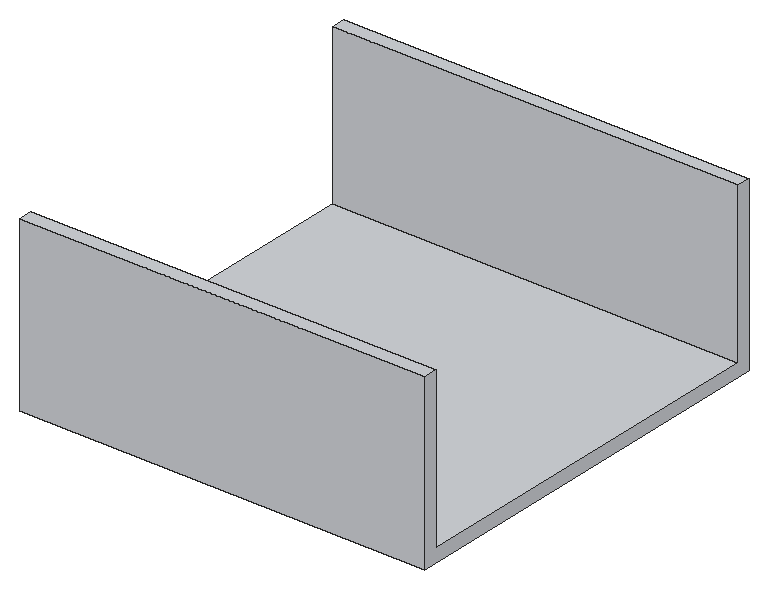
Revit family "M_チャネル ユニオン", category Cable Tray Fittings, Revit 2022
Family settings
  Round Connector Dimension = Use Diameter
  Part Type = Channel Union
  OmniClass Number = 23.80.30.17.17
  OmniClass Title = Cable Trays and Horizontal Racks
  Work Plane-Based = No
  Always vertical = Yes
  Cut with Voids When Loaded = No
  Shared = No
Parameters (values of type "標準")
  トレイ幅 [instance] = 75 mm
  トレイ長さ [instance] = 75 mm
  トレイ高さ [instance] = 32 mm
  Default Elevation [instance] = 2.5 mm
  built-in parameter 1154647 = 0 mm
Reference planes
  plane 1 "中心(正面/背面)": y = 0
  plane 2: z = 0
  plane 3 "中心(左/右)": x = 0
  plane 4: x = 37.5
  plane 5: y = 37.5
  plane 6: y = -37.5
  plane 7: z = 16
  plane 8: z = -16
  plane 9: z = -13.5
  plane 10: y = 35
  plane 11: y = -35
  plane 12: y = 37.5
  plane 13: y = -37.5
  plane 14: z = 16
  plane 15: z = -16
  plane 16: x = 75
Forms (mm)
  Sweep 1, solid, detail levels fine
    path in 3D
      loop
        line (0, 0, 0) -> (75, 0, 0)
    profile origin (37.5, 0, 0) x (0, 1, 0) y (0, 0, 1)
      loop
        line (37.5, -16) -> (37.5, 16) -> (35, 16) -> (35, -13.5) -> (-35, -13.5) -> (-35, 16) -> (-37.5, 16) -> (-37.5, -16) -> (37.5, -16)
  Sweep 2, solid, detail levels medium
    path in 3D
      loop
        line (0, 0, 0) -> (75, 0, 0)
    profile origin (37.5, 0, 0) x (0, 1, 0) y (0, 0, 1)
      loop
        line (37.5, 16) -> (-37.5, 16) -> (-37.5, -16) -> (37.5, -16) -> (37.5, 16)
Lines and regions (mm)
  model lines, detail levels coarse
    curve 1: line (0, 0, 0) -> (75, 0, 0)
  sketch lines
    curve 2: line (0, 0, 0) -> (75, 0, 0)
    curve 3: line (0, 0, 0) -> (75, 0, 0)
Dimensions and locks
  equal spacing: plane 5, plane 1 "中心(正面/背面)", plane 6
  "トレイ幅": plane 5 to plane 6
  equal spacing: plane 7, plane 2, plane 8
  "トレイ高さ": plane 7 to plane 8
  "Default Elevation": plane 5 to plane 10
  "Default Elevation": plane 11 to plane 6
  "Default Elevation": plane 8 to plane 9
  "トレイ幅": plane 12 to plane 13
  equal spacing: plane 12, plane 1 "中心(正面/背面)", plane 13
  equal spacing: plane 14, plane 2, plane 15
  "トレイ高さ": plane 14 to plane 15
  equal spacing: plane 3 "中心(左/右)", plane 4, plane 16
  "トレイ長さ": plane 3 "中心(左/右)" to plane 16
  aligned and locked: plane 1 "中心(正面/背面)" to curve 1
  aligned and locked: plane 6 to Sweep 1 sketch curve  (x2)
  aligned and locked: plane 8 to Sweep 1 sketch curve  (x2)
  aligned and locked: Sweep 1 sketch curve to plane 5
  aligned and locked: plane 7 to Sweep 1 sketch curve  (x3)
  aligned and locked: plane 11 to Sweep 1 sketch curve  (x2)
  aligned and locked: plane 9 to Sweep 1 sketch curve  (x2)
  aligned and locked: plane 10 to Sweep 1 sketch curve  (x2)
  aligned and locked: Sweep 1 sketch curve to plane 7
  aligned and locked: Sweep 2 sketch curve to plane 14
  aligned and locked: Sweep 2 sketch curve to plane 15
  aligned and locked: plane 13 to Sweep 2 sketch curve
  aligned and locked: plane 12 to Sweep 2 sketch curve
  aligned and locked: plane 16 to curve 1
  aligned and locked: plane 3 "中心(左/右)" to curve 1
Connectors
  cabletrayconduit at (0, 0, 0), diameter 609.6, driven by "トレイ高さ", driven by "トレイ幅"
    settings: on Sweep 2, index 1, connector width 75 mm, connector height 32 mm, connector angle 0.00°, system type 32, placement type 0, profile type 1, connector reference index 2, is primary connector yes, connector utility param no, connector description ""
  cabletrayconduit at (75, 0, 0), diameter 609.6, driven by "トレイ高さ", driven by "トレイ幅"
    settings: on Sweep 2, index 2, connector width 75 mm, connector height 32 mm, connector angle 0.00°, system type 32, placement type 0, profile type 1, connector reference index 1, is primary connector no, connector utility param no, connector description ""
